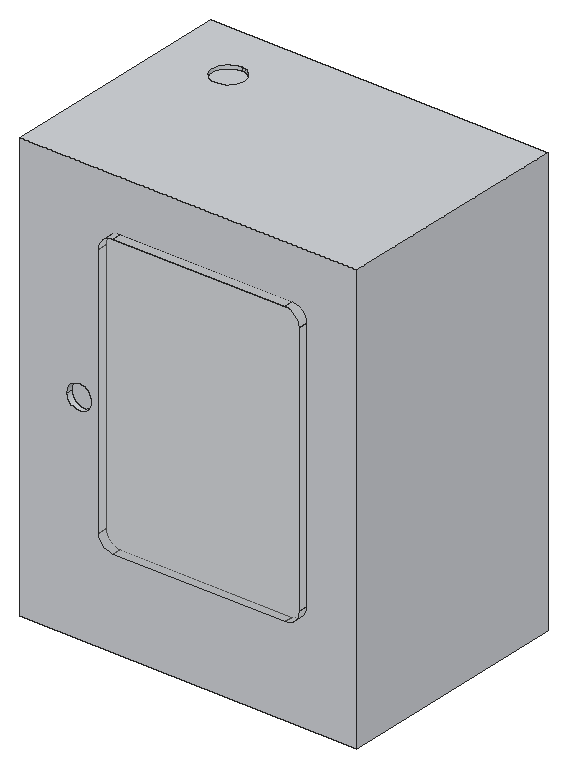
Revit family "ШУЗ_ШУЗ-С300_17.03.25", category Оборудование, Revit 2020
Family settings
  Размер круглого соединителя = Использовать диаметр
  Классификация = Нет
  Тип детали = Нормальный
  На основе рабочей плоскости = Нет
  Всегда вертикально = Да
  При загрузке вырезать с полостями = Нет
  Общий = Нет
  Точка расчета площади = Нет
Parameters (values of type "ШУЗ_ШУЗ-С300")
  расст вывод = 55 mm
  выход 3 = yes
  Ширина [instance] = 310 mm
  Расст замок = 55 mm
  Расст ввод 2 = 55 mm
  Расст ввод = 60 mm
  Расст ПУШ = 80 mm
  Отметка по умолчанию = 0 mm
  Описание = "ШУЗ-М предназначен для управления одно/трехфазным электроприводом задвижки практически любого производителя из известных на рынке. Управление осуществляется в режиме «Местный пуск» с лицевой панели ШУЗ-М или по сигналам любого модуля или прибора управления пожарного в режиме «Автоматический пуск» с отображением состояния задвижки при помощи световой индикации и с передачей сигналов состояния на модуль управления."
  Назв ПУШ = 178.668 mm
  Комментарии к типоразмеру = "Ш1/DEK"
  Изготовитель = "ООО \"Плазма-Т\""
  Глубина [instance] = 220 mm
  Высота [instance] = 395 mm
  URL = "https://plazma-t.ru/"
Reference planes
  plane 1 "По центру (Вперед/Назад)": y = 0
  plane 2: z = 0
  plane 3 "По центру (Влево/Вправо)": x = 0
Forms (mm)
  Extrusion 1, solid
    sketch origin (0, 0, 0) x (1, 0, 0) y (0, 1, 0)
      loop
        line (0, 0) -> (310, 0) -> (310, 220) -> (0, 220) -> (0, 0)
    from 0 to 395
  Extrusion 2, solid, material "Источник света по умолчанию"
    sketch origin (0, 0, 0) x (1, 0, 0) y (0, 0, 1)
      loop
        arc (93, 347.489) -> (83.808, 343.681) -> (80, 334.489) r 13
        line (80, 334.489) -> (80, 100.489)
        arc (80, 100.489) -> (83.808, 91.296) -> (93, 87.489) r 13
        line (93, 87.489) -> (251.542, 87.489)
        arc (251.542, 87.489) -> (260.734, 91.296) -> (264.542, 100.489) r 13
        line (264.542, 100.489) -> (264.542, 334.489)
        arc (264.542, 334.489) -> (260.734, 343.681) -> (251.542, 347.489) r 13
        line (251.542, 347.489) -> (93, 347.489)
    from 0 to 9
  Extrusion 3, void
    sketch origin (0, 0, 0) x (1, 0, 0) y (0, 0, 1)
      loop
        circle (55, 200) r 11.5
    from 10 to -5.347
  Extrusion 4, void
    sketch origin (0, 0, 395) x (0, 1, 0) y (1, 0, 0)
      loop
        circle (165, 60) r 15
    from 0 to 3
  Extrusion 5, void
    sketch origin (0, 0, 0) x (1, 0, 0) y (0, 1, 0)
      loop
        circle (55, 160) r 17
      loop
        circle (105, 160) r 17
      loop
        circle (155, 160) r 17
      loop
        circle (205, 160) r 17
      loop
        circle (255, 160) r 17
      loop
        circle (30, 120) r 17
      loop
        circle (80, 120) r 17
      loop
        circle (130, 120) r 17
      loop
        circle (180, 120) r 17
      loop
        circle (230, 120) r 17
      loop
        circle (280, 120) r 17
    from 0 to 3
Cuts and joins
  Extrusion 3, Extrusion 4, Extrusion 5 cuts Extrusion 1
Dimensions and locks
  "Ширина": Extrusion 1 to Extrusion 1
  "Глубина": Extrusion 1 to Extrusion 1
  "Высота": Extrusion 1 to Extrusion 1
  Extrusion 1 to Extrusion 2 sketch curve = 47.511 mm
  Extrusion 1 to Extrusion 2 = 47.511 mm
  Extrusion 1 to Extrusion 3 sketch curve = 195 mm
  "Расст замок": Extrusion 1 to Extrusion 3 sketch curve
  "Расст ввод": Extrusion 4 sketch curve to cut or joined group of Extrusion 1, Extrusion 3, Extrusion 4, Extrusion 5
  "Расст ввод 2": cut or joined group of Extrusion 1, Extrusion 3, Extrusion 4, Extrusion 5 to Extrusion 4 sketch curve
  locked: Extrusion 2 sketch curve to Extrusion 2 sketch curve at 184.542
  locked: Extrusion 2 sketch curve to Extrusion 2 sketch curve at 260
  "Расст ПУШ": cut or joined group of Extrusion 1, Extrusion 3, Extrusion 4, Extrusion 5 to Extrusion 2 sketch curve
  "Назв ПУШ": cut or joined group of Extrusion 1, Extrusion 3, Extrusion 4, Extrusion 5 to text3d elem
  cut or joined group of Extrusion 1, Extrusion 3, Extrusion 4, Extrusion 5 to Extrusion 5 sketch curve = 55 mm
  equal spacing: Extrusion 5 sketch curve, Extrusion 5 sketch curve, Extrusion 5 sketch curve, Extrusion 5 sketch curve, Extrusion 5 sketch curve
  cut or joined group of Extrusion 1, Extrusion 3, Extrusion 4, Extrusion 5 to cut or joined group of Extrusion 1, Extrusion 3, Extrusion 4, Extrusion 5 to plane 1 "По центру (Вперед/Назад)" = 220 mm, 0 mm
  cut or joined group of Extrusion 1, Extrusion 3, Extrusion 4, Extrusion 5 to Extrusion 5 sketch curve = 60 mm
  equal spacing: Extrusion 5 sketch curve, Extrusion 5 sketch curve, Extrusion 5 sketch curve, Extrusion 5 sketch curve, Extrusion 5 sketch curve, Extrusion 5 sketch curve
  cut or joined group of Extrusion 1, Extrusion 3, Extrusion 4, Extrusion 5 to Extrusion 5 sketch curve = 100 mm
  diameter of Extrusion 4 sketch curve = 30 mm
  aligned and locked: level to plane 2
  aligned and locked: Extrusion 1 to level
  aligned and locked: Extrusion 1 to plane 3 "По центру (Влево/Вправо)"
  aligned and locked: plane 1 "По центру (Вперед/Назад)" to Extrusion 1
Automatic sketch dimensions
  Extrusion 1 sketch curve to plane 3 "По центру (Влево/Вправо)" = 0 mm
  plane 1 "По центру (Вперед/Назад)" to Extrusion 1 sketch curve = 0 mm
  plane 3 "По центру (Влево/Вправо)" to Extrusion 1 sketch curve = 310 mm
  Extrusion 1 sketch curve to plane 1 "По центру (Вперед/Назад)" = 220 mm
  Extrusion 2 sketch curve to Extrusion 2 sketch curve = 13 mm  (x4)
  plane 3 "По центру (Влево/Вправо)" to Extrusion 5 sketch curve = 30 mm
  Extrusion 5 sketch curve to Extrusion 5 sketch curve = 50 mm  (x2)
  Extrusion 5 sketch curve to Extrusion 5 sketch curve = 0 mm  (x8)
  Extrusion 5 sketch curve to plane 1 "По центру (Вперед/Назад)" = 120 mm
  radius of Extrusion 3 sketch curve = 11.5 mm
  radius of Extrusion 5 sketch curve = 17 mm  (x11)
Connectors
  electrical at (60, 165, 392)
    settings: on cut or joined group of Extrusion 1, Extrusion 3, Extrusion 4, Extrusion 5, index 1, voltage 0 V, apparent load 0 VA, apparent load phase1 0 VA, apparent load phase2 0 VA, apparent load phase3 0 VA, power factor 1, load classification "Прочее", number of poles 1, system type 30, power factor state 1, is connector primary yes, connector utility no, sub classification motor no, connector description "380V"
  electrical at (30, 120, 3)
    settings: on cut or joined group of Extrusion 1, Extrusion 3, Extrusion 4, Extrusion 5, index 2, voltage 0 V, apparent load 0 VA, apparent load phase1 0 VA, apparent load phase2 0 VA, apparent load phase3 0 VA, power factor 1, load classification "Прочее", number of poles 1, system type 11, power factor state 1, is connector primary no, connector utility no, sub classification motor no, connector description "Сухой контакт"
  electrical at (80, 120, 3)
    settings: on cut or joined group of Extrusion 1, Extrusion 3, Extrusion 4, Extrusion 5, index 3, voltage 0 V, apparent load 0 VA, apparent load phase1 0 VA, apparent load phase2 0 VA, apparent load phase3 0 VA, power factor 1, load classification "Прочее", number of poles 1, system type 11, power factor state 1, is connector primary no, connector utility no, sub classification motor no, connector description "Сухой контакт"
  electrical at (130, 120, 3)
    settings: on cut or joined group of Extrusion 1, Extrusion 3, Extrusion 4, Extrusion 5, index 4, voltage 0 V, apparent load 0 VA, apparent load phase1 0 VA, apparent load phase2 0 VA, apparent load phase3 0 VA, power factor 1, load classification "Прочее", number of poles 1, system type 11, power factor state 1, is connector primary no, connector utility no, sub classification motor no, connector description "Сухой контакт"
  electrical at (180, 120, 3)
    settings: on cut or joined group of Extrusion 1, Extrusion 3, Extrusion 4, Extrusion 5, index 5, voltage 0 V, apparent load 0 VA, apparent load phase1 0 VA, apparent load phase2 0 VA, apparent load phase3 0 VA, power factor 1, load classification "Прочее", number of poles 1, system type 11, power factor state 1, is connector primary no, connector utility no, sub classification motor no, connector description "Сухой контакт"
  electrical at (230, 120, 3)
    settings: on cut or joined group of Extrusion 1, Extrusion 3, Extrusion 4, Extrusion 5, index 6, voltage 0 V, apparent load 0 VA, apparent load phase1 0 VA, apparent load phase2 0 VA, apparent load phase3 0 VA, power factor 1, load classification "Прочее", number of poles 1, system type 30, power factor state 1, is connector primary no, connector utility no, sub classification motor no, connector description "380V или 220V"
  electrical at (280, 120, 3)
    settings: on cut or joined group of Extrusion 1, Extrusion 3, Extrusion 4, Extrusion 5, index 7, voltage 0 V, apparent load 0 VA, apparent load phase1 0 VA, apparent load phase2 0 VA, apparent load phase3 0 VA, power factor 1, load classification "Прочее", number of poles 1, system type 13, power factor state 1, is connector primary no, connector utility no, sub classification motor no, connector description "Шлейф"
  electrical at (55, 160, 3)
    settings: on cut or joined group of Extrusion 1, Extrusion 3, Extrusion 4, Extrusion 5, index 8, voltage 0 V, apparent load 0 VA, apparent load phase1 0 VA, apparent load phase2 0 VA, apparent load phase3 0 VA, power factor 1, load classification "Прочее", number of poles 1, system type 13, power factor state 1, is connector primary no, connector utility no, sub classification motor no, connector description "Шлейф"
  electrical at (105, 160, 3)
    settings: on cut or joined group of Extrusion 1, Extrusion 3, Extrusion 4, Extrusion 5, index 9, voltage 0 V, apparent load 0 VA, apparent load phase1 0 VA, apparent load phase2 0 VA, apparent load phase3 0 VA, power factor 1, load classification "Прочее", number of poles 1, system type 13, power factor state 1, is connector primary no, connector utility no, sub classification motor no, connector description "Шлейф"
  electrical at (155, 160, 3)
    settings: on cut or joined group of Extrusion 1, Extrusion 3, Extrusion 4, Extrusion 5, index 10, voltage 0 V, apparent load 0 VA, apparent load phase1 0 VA, apparent load phase2 0 VA, apparent load phase3 0 VA, power factor 1, load classification "Прочее", number of poles 1, system type 13, power factor state 1, is connector primary no, connector utility no, sub classification motor no, connector description "Шлейф"
  electrical at (205, 160, 3)
    settings: on cut or joined group of Extrusion 1, Extrusion 3, Extrusion 4, Extrusion 5, index 11, voltage 0 V, apparent load 0 VA, apparent load phase1 0 VA, apparent load phase2 0 VA, apparent load phase3 0 VA, power factor 1, load classification "Прочее", number of poles 1, system type 13, power factor state 1, is connector primary no, connector utility no, sub classification motor no, connector description "Шлейф"
  electrical at (255, 160, 3)
    settings: on cut or joined group of Extrusion 1, Extrusion 3, Extrusion 4, Extrusion 5, index 12, voltage 0 V, apparent load 0 VA, apparent load phase1 0 VA, apparent load phase2 0 VA, apparent load phase3 0 VA, power factor 1, load classification "Прочее", number of poles 1, system type 13, power factor state 1, is connector primary no, connector utility no, sub classification motor no, connector description "Шлейф"
